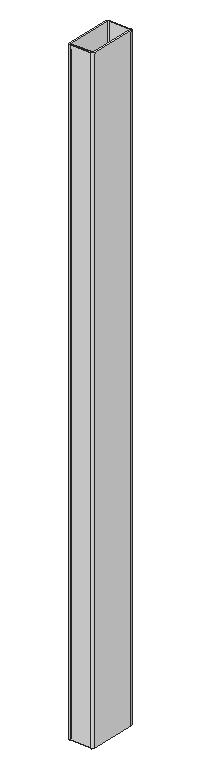
Revit family
Parameters (values of type "200x100xRHS")
  기둥 재료 [instance] = 금속 - 스틸 - 345 MPa
  A = 28.70 m²
  Ix = 0
  M = 22.6
  Zx = 0
  b = 100 mm
  h = 200 mm
  tr = 2 * t  # 10 mm
  t = 5 mm
Reference planes
  plane 1 "중심(앞/뒤)": y = 0
  plane 2: z = 0
  plane 3 "중심(왼쪽/오른쪽)": x = 0
  plane 4: x = -50
  plane 5: x = 50
  plane 6: y = 100
  plane 7: y = -100
  plane 8: x = -40
  plane 9: y = -90
  plane 10: y = 90
  plane 11: x = 40
Forms (mm)
  Extrusion 1, solid, material "금속 - 스틸 - 345 MPa" <- "기둥 재료", detail levels medium
    sketch origin (0, 0, 0) x (1, 0, 0) y (0, 1, 0)
      loop
        line (-50, 100) -> (-50, -100) -> (50, -100) -> (50, 100) -> (-50, 100)
      loop
        line (-45, 95) -> (-45, -95) -> (45, -95) -> (45, 95) -> (-45, 95)
    from 0 to 2500
  Extrusion 2, solid, material "금속 - 스틸 - 345 MPa" <- "기둥 재료", detail levels fine
    sketch origin (0, 0, 0) x (1, 0, 0) y (0, 1, 0)
      loop
        arc (-40, 100) -> (-47.071, 97.071) -> (-50, 90) r 10
        line (-50, 90) -> (-50, -90)
        arc (-50, -90) -> (-47.071, -97.071) -> (-40, -100) r 10
        line (-40, -100) -> (40, -100)
        arc (40, -100) -> (47.071, -97.071) -> (50, -90) r 10
        line (50, -90) -> (50, 90)
        arc (50, 90) -> (47.071, 97.071) -> (40, 100) r 10
        line (40, 100) -> (-40, 100)
      loop
        arc (-40, 95) -> (-43.536, 93.536) -> (-45, 90) r 5
        line (-45, 90) -> (-45, -90)
        arc (-45, -90) -> (-43.536, -93.536) -> (-40, -95) r 5
        line (-40, -95) -> (40, -95)
        arc (40, -95) -> (43.536, -93.536) -> (45, -90) r 5
        line (45, -90) -> (45, 90)
        arc (45, 90) -> (43.536, 93.536) -> (40, 95) r 5
        line (40, 95) -> (-40, 95)
    from 0 to 2500
Lines and regions (mm)
  symbolic lines, style "StructuralColumnStickSymbols", detail levels coarse
    curve 1: line (-50, 100, 0) -> (50, 100, 0)
    curve 2: line (-50, -100, 0) -> (50, -100, 0)
    curve 5: line (-50, 100, 0) -> (-50, -100, 0)
    curve 6: line (50, 100, 0) -> (50, -100, 0)
  symbolic lines, style "숨겨진 면", detail levels medium+fine
    curve 3: line (-45, 0, 0) -> (-45, 0, 2500)
    curve 4: line (45, 0, 2500) -> (45, 0, 0)
Dimensions and locks
  equal spacing: plane 4, plane 3 "중심(왼쪽/오른쪽)", plane 5
  equal spacing: plane 7, plane 1 "중심(앞/뒤)", plane 6
  "h": plane 7 to plane 6
  "b": plane 4 to plane 5
  "t": Extrusion 1 sketch curve to plane 5
  "t": plane 4 to Extrusion 1 sketch curve
  "t": Extrusion 1 sketch curve to plane 6
  "t": Extrusion 1 sketch curve to plane 7
  "t": Extrusion 2 sketch curve to plane 6
  "t": Extrusion 2 sketch curve to plane 5
  "t": plane 4 to Extrusion 2 sketch curve
  "t": Extrusion 2 sketch curve to plane 7
  "tr": plane 10 to plane 6
  "tr": plane 7 to plane 9
  "tr": plane 11 to plane 5
  "tr": plane 4 to plane 8
  aligned and locked: plane 6 to Extrusion 1 sketch curve
  aligned and locked: Extrusion 1 sketch curve to plane 7
  aligned and locked: Extrusion 1 sketch curve to plane 4
  aligned and locked: plane 5 to Extrusion 1 sketch curve
  aligned and locked: level to Extrusion 1
  aligned and locked: level to plane 2
  aligned and locked: Extrusion 1 to plane 2
  aligned and locked: curve 1 to Extrusion 2 sketch curve
  aligned and locked: Extrusion 2 sketch curve to Extrusion 1
  aligned and locked: level to Extrusion 2
  aligned and locked: curve 4 to Extrusion 2
  aligned and locked: curve 3 to Extrusion 2
Automatic sketch dimensions
  Extrusion 2 sketch curve to plane 8 = 0 mm  (x4)
  Extrusion 2 sketch curve to plane 7 = 0 mm
  Extrusion 2 sketch curve to plane 11 = 0 mm
  Extrusion 2 sketch curve to plane 10 = 0 mm  (x2)
  Extrusion 2 sketch curve to plane 9 = 0 mm  (x2)
  curve 3 to level = 0 mm  (x2)
  curve 4 to level = 0 mm  (x2)
  curve 5 to plane 4 = 0 mm
  curve 2 to plane 5 = 0 mm
  curve 5 to plane 7 = 0 mm
  curve 5 to plane 6 = 0 mm
